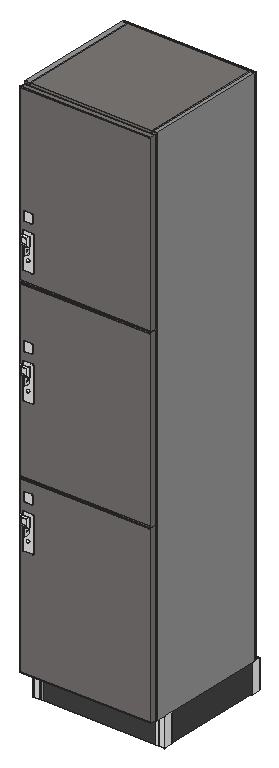
Revit family "Wood_Lockers_Hasps-Salsbury_Industries-18_43000_Series-1_Wide_Units.rfa", category Specialty Equipment, Revit 2016
Family settings
  Part Type = Normal
  Round Connector Dimension = Use Diameter
  OmniClass Number = 23.40.00.00
  OmniClass Title = Equipment and Furnishings
  Work Plane-Based = No
  Always vertical = Yes
  Cut with Voids When Loaded = No
  Shared = No
  Room Calculation Point = No
Parameters (values of type "18-43168")
  Width = 18.000"
  Version = "1.0 (01/31/24)"
  Unit Height including Sloping Hood Only [instance] = 78.868"
  Unit Height including Base Only [instance] = 76.000"
  URL = "www.lockers.com"
  Type Comments = "Premier Wood Lockers - Triple Tier - with Hasps"
  Total Doors Height [instance] = if(Unit Height = 72.000", 71.750", if(Unit Height = 60.000", 59.750", 0.000"))  # 71.750"
  Sloping Top Corner Filler - Right Side [instance] = Wood Locker Sloping Corner Fillers : None
  Sloping Top Corner Filler - Left Side [instance] = Wood Locker Sloping Corner Fillers : None
  Sloping In-Line Filler - Right Side [instance] = Wood Locker Sloping In-Line Fillers : None
  Sloping In-Line Filler - Left Side [instance] = Wood Locker Sloping In-Line Fillers : None
  Sloping Hood Height = if(Depth = 15.000", 5.743", if(Depth = 18.000", 6.868", if(Depth = 21.000", 7.993", if(Depth = 24.000", 9.118", 0.000"))))  # 6.868"
  Sloping Hood [instance] = Wood Locker Sloping Hoods : None
  Side Panel without Slope - Right Side [instance] = Wood Locker Side Panels-No Slope : None
  Side Panel without Slope - Left Side [instance] = Wood Locker Side Panels-No Slope : None
  Side Panel with Slope - Right Side [instance] = Wood Locker Side Panels-With Slope : None
  Side Panel with Slope - Left Side [instance] = Wood Locker Side Panels-With Slope : None
  Secondary Structure Materials = Particle Board Industrial Grade - Salsbury Finish - Black Melamine Overlay
  Primary Structure Materials = Particle Board Industrial Grade - Salsbury Finish - Plain
  Overall Unit Height including Base and Sloping Hood [instance] = 82.868"
  OmniClass 23 Title = "Equipment and Furnishings"
  OmniClass 23 Number = "23.40.00.00"
  Model = "18-43168"
  MasterFormat Title = "Lockers"
  MasterFormat Code = "10 51 23"
  Manufacturer = "Salsbury Industries"
  Laminate Surface [instance] = Industrial Grade Particleboard with Wood Laminate - Salsbury Finish - Skyline Walnut
  Interior Material = Textured Melamine - Salsbury Finish - White
  Individual Door Width [instance] = 17.875"
  Unit Height = 72.000"
  Individual Door Height = if(Unit Height = 72.000", 23.791", if(Unit Height = 60.000", 19.791", 0.000"))  # 23.791"
  Hardware = Aluminum - Salsbury Finish - Black Satin
  Front Vertical Filler - Right Side [instance] = Wood Locker Front Fillers : None
  Front Vertical Filler - Left Side [instance] = Wood Locker Front Fillers : None
  Front Corner Filler - Right Side [instance] = Wood Locker Front Corner Filler : None
  Front Corner Filler - Left Side [instance] = Wood Locker Front Corner Filler : None
  Flat Top In-Line Filler - Right Side [instance] = Wood Locker Flat In-Line Fillers : None
  Flat Top In-Line Filler - Left Side [instance] = Wood Locker Flat In-Line Fillers : None
  Flat Top Corner Filler - Right Side [instance] = Wood Locker Flat Corner Fillers : None
  Flat Top Corner Filler - Left Side [instance] = Wood Locker Flat Corner Fillers : None
  Fascia Filler [instance] = Wood Locker Fascia Fillers : None
  Double Side Panel without Slope - Right Side [instance] = Wood Locker Double Side Panels-No Slope : None
  Double Side Panel without Slope - Left Side [instance] = Wood Locker Double Side Panels-No Slope : None
  Double Side Panel with Slope - Right Side [instance] = Wood Locker Double Side Panels-With Slope : None
  Double Side Panel with Slope - Left Side [instance] = Wood Locker Double Side Panels-With Slope : None
  Door Location D3 = Premier Locker Doors_Hasp : Triple Tier Door-3 for Six Foot High Locker
  Door Location D2 = Premier Locker Doors_Hasp : Triple Tier Door-2 for Six Foot High Locker
  Door Location D1 = Premier Locker Doors_Hasp : Triple Tier Door-1 for Six Foot High Locker
  Description = "1 Wide - 6 Feet High - 18 inches Deep - with Base"
  Depth = 18.000"
  Compartment Width [instance] = 16.750"
  Compartment Height [instance] = if(Unit Height = 72.000", 23.000", if(Unit Height = 60.000", 19.000", 0.000"))  # 23.000"
  Compartment Depth [instance] = 16.750"
  Base Material = Particle Board Industrial Grade - Salsbury Finish - Black Melamine Overlay
  Base Height = 4.000"
  Base Depth [instance] = 16.250"
  Base = Wood Locker Bases : Base - 18" W x 18" D Lockers
  Assembly Code = "C1030310"
Reference planes (in)
  plane 1 "Center (Front/Back)": y = 0
  plane 2: z = 0
  plane 3 "Center (Left/Right)": x = 0
  plane 4 "Right Side of Unit": x = 9
  plane 5 "Left Side of Unit": x = -9
  plane 6 "Back of Unit": y = 9
  plane 7 "Front of Unit": y = -9
  plane 8 "Bottom of Base": z = 0
  plane 9 "Top Edge of Unit": z = 76
  plane 10 "Top of Base Edge": z = 4
  plane 11: z = 82.868
  plane 12 "Right Compartment Edge": x = 8.406
  plane 13 "Left Compartment Edge": x = -8.406
  plane 14 "Front Melamine Edge": y = -8
  plane 15 "Back Compartment Edge": y = 8.781
  plane 16 "Front Compartment Edge": y = -7.969
  plane 17 "Front Edge of Base": y = -6.625
  plane 18 "Bottom Edge of Door": z = 4.125
  plane 19 "Top Edge of Door": z = 75.875
  plane 20 "Bottom Compartment Edge": z = 4.75
  plane 21 "Top Compartment Edge": z = 75.25
  plane 22 "Center Top and Bottom": z = 40
  plane 23 "Left Melamine Edge": x = -8.375
  plane 24 "Right Melamine Edge": x = 8.375
  plane 25 "Back Melamine Edge": y = 8.75
  plane 26 "Left Edge of Door": x = -8.875
  plane 27: y = 9.625
  plane 28: y = -7.25
  plane 29 "Base / Ventillation Alignment": y = 9.625
  plane 30 "Compartment Shelf 2": z = 28.5
  plane 31: z = 27.75
  plane 32: z = 27.916
  plane 33: z = 28.104
  plane 34: z = 51.5
  plane 35 "Compartment Shelf 1": z = 52.25
  plane 36: z = 51.895
  plane 37: z = 52.083
  plane 38 "5" Shelf Top": z = 70.75
  plane 39: z = 70
  plane 40 "5" Shelf Center": z = 47
  plane 41: z = 46.25
  plane 42 "5" Shelf Bottom": z = 23.25
  plane 43: z = 22.5
  plane 44 "Front of Shelf": y = 3.75
  plane 45: y = 3.781
Forms (in)
  Extrusion 1, solid, material "Particle Board Industrial Grade - Salsbury Finish - Plain" <- "Primary Structure Materials"
    sketch origin (9, 0, 0) x (0, -1, 0) y (0, 0, 1)
      loop
        line (7.969, 76) -> (-8.75, 76) -> (-8.75, 4) -> (7.969, 4) -> (7.969, 76)
    from 0 to 0.594
  Extrusion 2, solid, material "Particle Board Industrial Grade - Salsbury Finish - Plain" <- "Primary Structure Materials"
    sketch origin (-9, 0, 0) x (0, -1, 0) y (0, 0, 1)
      loop
        line (-8.75, 76) -> (-8.75, 4) -> (7.969, 4) -> (7.969, 76) -> (-8.75, 76)
    from 0 to -0.594
  Extrusion 3, solid, material "Textured Melamine - Salsbury Finish - White" <- "Interior Material"
    sketch origin (0, 0, 4) x (0, -1, 0) y (1, 0, 0)
      loop
        line (-8.75, -8.375) -> (7.969, -8.375) -> (7.969, 8.375) -> (-8.75, 8.375) -> (-8.75, -8.375)
    from 0 to 0.75
  Extrusion 4, solid, material "Industrial Grade Particleboard with Wood Laminate - Salsbury Finish - Skyline Walnut" <- "Laminate Surface"
    sketch origin (0.375, 0.375, 76) x (1, 0, 0) y (0, 1, 0)
      loop
        line (-8.75, -8.375) -> (8, -8.375) -> (8, 8.375) -> (-8.75, 8.375) -> (-8.75, -8.375)
    from 0 to -0.75
  Extrusion 5, solid, material "Particle Board Industrial Grade - Salsbury Finish - Plain" <- "Primary Structure Materials"
    sketch origin (0, 9, 0) x (1, 0, 0) y (0, 0, 1)
      loop
        line (-9, 76) -> (-9, 4) -> (9, 4) -> (9, 76) -> (-9, 76)
    from 0 to 0.219
  Extrusion 6, solid, material "Industrial Grade Particleboard with Wood Laminate - Salsbury Finish - Skyline Walnut" <- "Laminate Surface"
    sketch origin (0, -7.969, 0) x (1, 0, 0) y (0, 0, 1)
      loop
        line (-9, 76) -> (-9, 4) -> (-8.375, 4) -> (-8.375, 76) -> (-9, 76)
    from 0 to 0.031
  Extrusion 7, solid, material "Industrial Grade Particleboard with Wood Laminate - Salsbury Finish - Skyline Walnut" <- "Laminate Surface"
    sketch origin (0, -7.969, 0) x (-1, 0, 0) y (0, 0, -1)
      loop
        line (-9, -76) -> (-8.375, -76) -> (-8.375, -4) -> (-9, -4) -> (-9, -76)
    from 0 to 0.031
  Extrusion 8, solid, material "Textured Melamine - Salsbury Finish - White" <- "Interior Material"
    sketch origin (0, 8.75, 0) x (1, 0, 0) y (0, 0, 1)
      loop
        line (-9, 76) -> (-9, 4) -> (9, 4) -> (9, 76) -> (-9, 76)
    from -0.031 to 0
  Extrusion 9, solid, material "Textured Melamine - Salsbury Finish - White" <- "Interior Material"
    sketch origin (-8.406, 0, 0) x (0, -1, 0) y (0, 0, 1)
      loop
        line (-8.75, 76) -> (-8.75, 4) -> (7.969, 4) -> (7.969, 76) -> (-8.75, 76)
    from 0 to -0.031
  Extrusion 10, solid, material "Textured Melamine - Salsbury Finish - White" <- "Interior Material"
    sketch origin (8.406, 0, 0) x (0, -1, 0) y (0, 0, 1)
      loop
        line (7.969, 76) -> (-8.75, 76) -> (-8.75, 4) -> (7.969, 4) -> (7.969, 76)
    from 0 to 0.031
  Extrusion 11, solid, material "Textured Melamine - Salsbury Finish - White" <- "Interior Material", detail levels fine
    sketch origin (0, 0, 28.5) x (0, -1, 0) y (1, 0, 0)
      loop
        line (-8.75, -8.375) -> (7.969, -8.375) -> (7.969, 8.375) -> (-8.75, 8.375) -> (-8.75, -8.375)
    from 0 to -0.75
  Extrusion 12, solid, material "Textured Melamine - Salsbury Finish - White" <- "Interior Material", detail levels fine
    sketch origin (0, 0, 52.25) x (0, -1, 0) y (1, 0, 0)
      loop
        line (-8.75, -8.375) -> (7.969, -8.375) -> (7.969, 8.375) -> (-8.75, 8.375) -> (-8.75, -8.375)
    from 0 to -0.75
  Extrusion 13, solid, material "Textured Melamine - Salsbury Finish - White" <- "Interior Material"
    sketch origin (0, 0, 70.75) x (0, -1, 0) y (1, 0, 0)
      loop
        line (-8.75, -8.375) -> (-3.781, -8.375) -> (-3.781, 8.375) -> (-8.75, 8.375) -> (-8.75, -8.375)
    from 0 to -0.75
  Extrusion 14, solid, material "Textured Melamine - Salsbury Finish - White" <- "Interior Material", detail levels fine
    sketch origin (0, 0, 47) x (0, -1, 0) y (1, 0, 0)
      loop
        line (-8.75, -8.375) -> (-3.781, -8.375) -> (-3.781, 8.375) -> (-8.75, 8.375) -> (-8.75, -8.375)
    from 0 to -0.75
  Extrusion 15, solid, material "Textured Melamine - Salsbury Finish - White" <- "Interior Material", detail levels fine
    sketch origin (0, 0, 23.25) x (0, -1, 0) y (1, 0, 0)
      loop
        line (-8.75, -8.375) -> (-3.781, -8.375) -> (-3.781, 8.375) -> (-8.75, 8.375) -> (-8.75, -8.375)
    from 0 to -0.75
  Extrusion 16, solid, material "Industrial Grade Particleboard with Wood Laminate - Salsbury Finish - Skyline Walnut" <- "Laminate Surface"
    sketch origin (0, -7.969, 0) x (1, 0, 0) y (0, 0, 1)
      loop
        line (-8.375, 52.25) -> (-8.375, 51.5) -> (8.375, 51.5) -> (8.375, 52.25) -> (-8.375, 52.25)
    from 0 to 0.031
  Extrusion 17, solid, material "Industrial Grade Particleboard with Wood Laminate - Salsbury Finish - Skyline Walnut" <- "Laminate Surface"
    sketch origin (0, -7.969, 0) x (1, 0, 0) y (0, 0, 1)
      loop
        line (-8.375, 28.5) -> (-8.375, 27.75) -> (8.375, 27.75) -> (8.375, 28.5) -> (-8.375, 28.5)
    from 0 to 0.031
  Extrusion 18, solid, material "Industrial Grade Particleboard with Wood Laminate - Salsbury Finish - Skyline Walnut" <- "Laminate Surface"
    sketch origin (0, -7.969, 0) x (1, 0, 0) y (0, 0, 1)
      loop
        line (-8.375, 4.75) -> (-8.375, 4) -> (8.375, 4) -> (8.375, 4.75) -> (-8.375, 4.75)
    from 0 to 0.031
  Extrusion 19, solid, material "Industrial Grade Particleboard with Wood Laminate - Salsbury Finish - Skyline Walnut" <- "Laminate Surface"
    sketch origin (0, 3.75, 0) x (1, 0, 0) y (0, 0, 1)
      loop
        line (-8.375, 23.25) -> (-8.375, 22.5) -> (8.375, 22.5) -> (8.375, 23.25) -> (-8.375, 23.25)
    from 0 to -0.031
  Extrusion 20, solid, material "Industrial Grade Particleboard with Wood Laminate - Salsbury Finish - Skyline Walnut" <- "Laminate Surface"
    sketch origin (0, 3.75, 0) x (1, 0, 0) y (0, 0, 1)
      loop
        line (-8.375, 47) -> (-8.375, 46.25) -> (8.375, 46.25) -> (8.375, 47) -> (-8.375, 47)
    from 0 to -0.031
  Extrusion 21, solid, material "Industrial Grade Particleboard with Wood Laminate - Salsbury Finish - Skyline Walnut" <- "Laminate Surface"
    sketch origin (0, 3.75, 0) x (1, 0, 0) y (0, 0, 1)
      loop
        line (-8.375, 70.75) -> (-8.375, 70) -> (8.375, 70) -> (8.375, 70.75) -> (-8.375, 70.75)
    from 0 to -0.031
Lines and regions (in)
  symbolic lines
    curve 1: line (-9, 8.75, 76) -> (9.00006, 8.75, 76)
    curve 2: line (-9, 8.75, 0) -> (-9, 8.75, 76)
    curve 3: line (9.00006, 8.75, 76) -> (9.00006, 8.75, 0)
    curve 4: line (8.406, -8, 76) -> (8.406, 9.625, 76)
    curve 5: line (8.406, -8, 0) -> (8.406, -8, 76)
    curve 6: line (8.406, 9.625, 76) -> (8.406, 9.625, 0)
    curve 7: line (9.00006, 8.75, 0) -> (-9, 8.75, 0)
    curve 8: line (8.406, -6.625, 0) -> (8.406, 9.625, 0)
    curve 9: line (8.406, 9.625, 0) -> (8.406, -6.625, 0)
    curve 10: line (8.406, -8, 0) -> (8.406, 9.625, 0)
    curve 11: line (-9, 9.625, 0) -> (9, 9.625, 0)
    curve 12: line (-9, -8, 0) -> (-9, 9.625, 0)
    curve 13: line (9, -8, 0) -> (-9, -8, 0)
    curve 14: line (9, 9.625, 0) -> (9, -8, 0)
Dimensions and locks (in)
  equal spacing: plane 5 "Left Side of Unit", plane 3 "Center (Left/Right)", plane 4 "Right Side of Unit"
  "Width": plane 5 "Left Side of Unit" to plane 4 "Right Side of Unit"
  equal spacing: plane 7 "Front of Unit", plane 1 "Center (Front/Back)", plane 6 "Back of Unit"
  "Depth": plane 7 "Front of Unit" to plane 6 "Back of Unit"
  "Base Height": plane 10 "Top of Base Edge" to plane 8 "Bottom of Base"
  "Unit Height": plane 9 "Top Edge of Unit" to plane 10 "Top of Base Edge"
  "Sloping Hood Height": plane 11 to plane 9 "Top Edge of Unit"
  locked: plane 12 "Right Compartment Edge" to plane 4 "Right Side of Unit" at 0.594
  locked: plane 5 "Left Side of Unit" to plane 13 "Left Compartment Edge" at 0.594
  locked: plane 7 "Front of Unit" to plane 14 "Front Melamine Edge" at 1
  locked: plane 15 "Back Compartment Edge" to plane 6 "Back of Unit" at 0.219
  locked: plane 14 "Front Melamine Edge" to plane 16 "Front Compartment Edge" at 0.031
  plane 18 "Bottom Edge of Door" to plane 10 "Top of Base Edge" = 0.125"
  plane 9 "Top Edge of Unit" to plane 19 "Top Edge of Door" = 0.125"
  plane 20 "Bottom Compartment Edge" to plane 10 "Top of Base Edge" = 0.750"
  plane 9 "Top Edge of Unit" to plane 21 "Top Compartment Edge" = 0.750"
  equal spacing: plane 9 "Top Edge of Unit", plane 22 "Center Top and Bottom", plane 10 "Top of Base Edge"
  locked: plane 24 "Right Melamine Edge" to plane 12 "Right Compartment Edge" at 0.031
  locked: plane 13 "Left Compartment Edge" to plane 23 "Left Melamine Edge" at 0.031
  locked: plane 25 "Back Melamine Edge" to plane 15 "Back Compartment Edge" at 0.031
  locked: plane 5 "Left Side of Unit" to plane 26 "Left Edge of Door" at 0.125
  "Individual Door Width": plane 26 "Left Edge of Door" to plane 4 "Right Side of Unit"
  "Total Doors Height": plane 19 "Top Edge of Door" to plane 18 "Bottom Edge of Door"
  "Unit Height including Base Only": plane 9 "Top Edge of Unit" to plane 8 "Bottom of Base"
  "Unit Height including Sloping Hood Only": plane 11 to plane 10 "Top of Base Edge"
  "Overall Unit Height including Base and Sloping Hood": plane 11 to plane 8 "Bottom of Base"
  locked: plane 7 "Front of Unit" to plane 17 "Front Edge of Base" at 2.375
  locked: plane 6 "Back of Unit" to plane 27 at 0.625
  "Base Depth": plane 17 "Front Edge of Base" to plane 27
  "Compartment Width": plane 23 "Left Melamine Edge" to plane 24 "Right Melamine Edge"
  "Compartment Height": plane 31 to plane 20 "Bottom Compartment Edge"
  "Compartment Depth": plane 14 "Front Melamine Edge" to plane 25 "Back Melamine Edge"
  locked: plane 14 "Front Melamine Edge" to plane 28 at 0.75
  plane 14 "Front Melamine Edge" to plane 27 = 17.625"
  Extrusion 2 to Extrusion 9 = 16.719"
  plane 6 "Back of Unit" to plane 29 "Base / Ventillation Alignment" = 0.625"
  locked: plane 30 "Compartment Shelf 2" to plane 31 at 0.75
  locked: plane 33 to plane 32 at 0.188
  "Individual Door Height": plane 32 to plane 18 "Bottom Edge of Door"
  locked: plane 35 "Compartment Shelf 1" to plane 34 at 0.75
  locked: plane 37 to plane 36 at 0.188
  "Compartment Height": plane 34 to plane 30 "Compartment Shelf 2"
  "Individual Door Height": plane 36 to plane 33
  locked: plane 38 "5" Shelf Top" to plane 39 at 0.75
  locked: plane 44 "Front of Shelf" to plane 25 "Back Melamine Edge" at 5
  locked: plane 21 "Top Compartment Edge" to plane 38 "5" Shelf Top" at 4.5
  locked: plane 40 "5" Shelf Center" to plane 41 at 0.75
  locked: plane 34 to plane 40 "5" Shelf Center" at 4.5
  locked: plane 42 "5" Shelf Bottom" to plane 43 at 0.75
  locked: plane 31 to plane 42 "5" Shelf Bottom" at 4.5
  locked: plane 44 "Front of Shelf" to plane 45 at 0.031
  aligned and locked: level to plane 2
  aligned and locked: plane 15 "Back Compartment Edge" to Extrusion 5
  aligned and locked: plane 4 "Right Side of Unit" to nested 1
  aligned and locked: plane 18 "Bottom Edge of Door" to nested 1
  aligned and locked: plane 7 "Front of Unit" to nested 1
  aligned and locked: plane 9 "Top Edge of Unit" to nested 2
  aligned and locked: plane 14 "Front Melamine Edge" to nested 2
  aligned and locked: plane 5 "Left Side of Unit" to nested 3
  aligned and locked: plane 14 "Front Melamine Edge" to nested 3
  aligned and locked: plane 9 "Top Edge of Unit" to nested 3
  aligned and locked: plane 4 "Right Side of Unit" to nested 4
  aligned and locked: nested 4 to plane 9 "Top Edge of Unit"
  aligned and locked: nested 4 to plane 14 "Front Melamine Edge"
  aligned and locked: plane 9 "Top Edge of Unit" to nested 5
  aligned and locked: plane 28 to nested 5
  aligned and locked: plane 28 to nested 6
  aligned and locked: plane 5 "Left Side of Unit" to nested 6
  aligned and locked: plane 4 "Right Side of Unit" to nested 5
  aligned and locked: nested 6 to plane 9 "Top Edge of Unit"
  aligned and locked: nested 8 to plane 5 "Left Side of Unit"
  aligned and locked: nested 7 to plane 4 "Right Side of Unit"
  aligned and locked: plane 14 "Front Melamine Edge" to nested 7
  aligned and locked: nested 8 to plane 14 "Front Melamine Edge"
  aligned and locked: plane 10 "Top of Base Edge" to nested 7
  aligned and locked: nested 8 to plane 10 "Top of Base Edge"
  aligned and locked: plane 5 "Left Side of Unit" to nested 9
  aligned and locked: plane 4 "Right Side of Unit" to nested 10
  aligned and locked: nested 10 to plane 10 "Top of Base Edge"
  aligned and locked: plane 10 "Top of Base Edge" to nested 9
  aligned and locked: plane 16 "Front Compartment Edge" to nested 10
  aligned and locked: nested 9 to plane 14 "Front Melamine Edge"
  aligned and locked: plane 4 "Right Side of Unit" to nested 11
  aligned and locked: nested 11 to plane 10 "Top of Base Edge"
  aligned and locked: plane 14 "Front Melamine Edge" to nested 11
  aligned and locked: plane 14 "Front Melamine Edge" to nested 12
  aligned and locked: nested 12 to nested 4
  aligned and locked: plane 10 "Top of Base Edge" to nested 12
  aligned and locked: nested 13 to plane 5 "Left Side of Unit"
  aligned and locked: nested 13 to plane 14 "Front Melamine Edge"
  aligned and locked: nested 13 to plane 10 "Top of Base Edge"
  aligned and locked: plane 14 "Front Melamine Edge" to nested 14
  aligned and locked: nested 14 to plane 4 "Right Side of Unit"
  aligned and locked: nested 15 to plane 14 "Front Melamine Edge"
  aligned and locked: nested 15 to plane 5 "Left Side of Unit"
  aligned and locked: plane 10 "Top of Base Edge" to nested 14
  aligned and locked: nested 15 to plane 10 "Top of Base Edge"
  aligned and locked: plane 14 "Front Melamine Edge" to nested 16
  aligned and locked: plane 4 "Right Side of Unit" to nested 16
  aligned and locked: nested 17 to plane 14 "Front Melamine Edge"
  aligned and locked: plane 5 "Left Side of Unit" to nested 17
  aligned and locked: nested 16 to plane 8 "Bottom of Base"
  aligned and locked: nested 17 to plane 8 "Bottom of Base"
  aligned and locked: nested 18 to plane 5 "Left Side of Unit"
  aligned and locked: nested 19 to plane 4 "Right Side of Unit"
  aligned and locked: nested 19 to plane 14 "Front Melamine Edge"
  aligned and locked: plane 14 "Front Melamine Edge" to nested 18
  aligned and locked: plane 8 "Bottom of Base" to nested 19
  aligned and locked: nested 18 to plane 8 "Bottom of Base"
  aligned and locked: plane 17 "Front Edge of Base" to nested 20
  aligned and locked: nested 21 to plane 9 "Top Edge of Unit"
  aligned and locked: plane 5 "Left Side of Unit" to nested 21
  aligned and locked: nested 22 to plane 9 "Top Edge of Unit"
  aligned and locked: plane 4 "Right Side of Unit" to nested 22
  aligned and locked: nested 22 to plane 14 "Front Melamine Edge"
  aligned and locked: nested 21 to plane 14 "Front Melamine Edge"
  aligned and locked: nested 24 to plane 9 "Top Edge of Unit"
  aligned and locked: plane 4 "Right Side of Unit" to nested 24
  aligned and locked: nested 23 to plane 9 "Top Edge of Unit"
  aligned and locked: plane 5 "Left Side of Unit" to nested 23
  aligned and locked: nested 24 to plane 28
  aligned and locked: nested 23 to plane 28
  aligned and locked: plane 14 "Front Melamine Edge" to nested 25
  aligned and locked: plane 9 "Top Edge of Unit" to nested 25
  aligned and locked: plane 8 "Bottom of Base" to nested 20
  aligned and locked: plane 3 "Center (Left/Right)" to nested 20
  aligned and locked: plane 25 "Back Melamine Edge" to Extrusion 3 sketch curve
  aligned and locked: Extrusion 3 sketch curve to plane 23 "Left Melamine Edge"
  aligned and locked: plane 24 "Right Melamine Edge" to Extrusion 3 sketch curve
  aligned and locked: Extrusion 4 to plane 9 "Top Edge of Unit"
  aligned and locked: plane 21 "Top Compartment Edge" to Extrusion 4
  aligned and locked: Extrusion 2 sketch curve to plane 9 "Top Edge of Unit"
  aligned and locked: plane 16 "Front Compartment Edge" to Extrusion 2 sketch curve
  aligned and locked: Extrusion 2 sketch curve to plane 25 "Back Melamine Edge"
  aligned and locked: plane 10 "Top of Base Edge" to Extrusion 2 sketch curve
  aligned and locked: Extrusion 2 to plane 13 "Left Compartment Edge"
  aligned and locked: plane 5 "Left Side of Unit" to Extrusion 2
  aligned and locked: plane 10 "Top of Base Edge" to Extrusion 9 sketch curve
  aligned and locked: Extrusion 9 sketch curve to plane 25 "Back Melamine Edge"
  aligned and locked: Extrusion 9 sketch curve to plane 9 "Top Edge of Unit"
  aligned and locked: Extrusion 1 sketch curve to plane 16 "Front Compartment Edge"
  aligned and locked: plane 9 "Top Edge of Unit" to Extrusion 1 sketch curve
  aligned and locked: Extrusion 1 sketch curve to plane 10 "Top of Base Edge"
  aligned and locked: plane 25 "Back Melamine Edge" to Extrusion 1 sketch curve
  aligned and locked: Extrusion 1 to plane 4 "Right Side of Unit"
  aligned and locked: plane 12 "Right Compartment Edge" to Extrusion 1
  aligned and locked: Extrusion 10 sketch curve to plane 10 "Top of Base Edge"
  aligned and locked: plane 25 "Back Melamine Edge" to Extrusion 10 sketch curve
  aligned and locked: Extrusion 10 sketch curve to plane 16 "Front Compartment Edge"
  aligned and locked: plane 9 "Top Edge of Unit" to Extrusion 10 sketch curve
  aligned and locked: Extrusion 10 to plane 12 "Right Compartment Edge"
  aligned and locked: plane 24 "Right Melamine Edge" to Extrusion 10
  aligned and locked: Extrusion 8 sketch curve to plane 10 "Top of Base Edge"
  aligned and locked: plane 4 "Right Side of Unit" to Extrusion 8 sketch curve
  aligned and locked: plane 9 "Top Edge of Unit" to Extrusion 8 sketch curve
  aligned and locked: Extrusion 8 sketch curve to plane 5 "Left Side of Unit"
  aligned and locked: Extrusion 8 to plane 15 "Back Compartment Edge"
  aligned and locked: plane 25 "Back Melamine Edge" to Extrusion 8
  aligned and locked: plane 9 "Top Edge of Unit" to Extrusion 5 sketch curve
  aligned and locked: Extrusion 5 sketch curve to plane 5 "Left Side of Unit"
  aligned and locked: Extrusion 5 sketch curve to plane 10 "Top of Base Edge"
  aligned and locked: plane 4 "Right Side of Unit" to Extrusion 5 sketch curve
  aligned and locked: Extrusion 7 sketch curve to plane 9 "Top Edge of Unit"
  aligned and locked: Extrusion 7 sketch curve to plane 4 "Right Side of Unit"
  aligned and locked: plane 24 "Right Melamine Edge" to Extrusion 7 sketch curve
  aligned and locked: plane 10 "Top of Base Edge" to Extrusion 7 sketch curve
  aligned and locked: Extrusion 7 to plane 16 "Front Compartment Edge"
  aligned and locked: plane 14 "Front Melamine Edge" to Extrusion 7
  aligned and locked: Extrusion 6 sketch curve to plane 10 "Top of Base Edge"
  aligned and locked: plane 23 "Left Melamine Edge" to Extrusion 6 sketch curve
  aligned and locked: Extrusion 6 sketch curve to plane 5 "Left Side of Unit"
  aligned and locked: plane 9 "Top Edge of Unit" to Extrusion 6 sketch curve
  aligned and locked: Extrusion 6 to plane 16 "Front Compartment Edge"
  aligned and locked: plane 14 "Front Melamine Edge" to Extrusion 6
  aligned and locked: plane 16 "Front Compartment Edge" to Extrusion 9
  aligned and locked: plane 13 "Left Compartment Edge" to Extrusion 9
  aligned and locked: nested 3 to curve 1
  aligned and locked: curve 2 to nested 17
  aligned and locked: curve 4 to nested 2
  aligned and locked: nested 16 to curve 5
  aligned and locked: curve 9 to nested 20
  aligned and locked: curve 10 to nested 16
  aligned and locked: curve 13 to plane 14 "Front Melamine Edge"
  aligned and locked: curve 12 to plane 5 "Left Side of Unit"
  aligned and locked: plane 29 "Base / Ventillation Alignment" to curve 11
  aligned and locked: plane 3 "Center (Left/Right)" to nested 2
  aligned and locked: plane 3 "Center (Left/Right)" to nested 25
  aligned and locked: plane 29 "Base / Ventillation Alignment" to curve 6
  aligned and locked: plane 25 "Back Melamine Edge" to Extrusion 11 sketch curve
  aligned and locked: Extrusion 11 sketch curve to plane 23 "Left Melamine Edge"
  aligned and locked: plane 24 "Right Melamine Edge" to Extrusion 11 sketch curve
  aligned and locked: plane 25 "Back Melamine Edge" to Extrusion 12 sketch curve
  aligned and locked: plane 24 "Right Melamine Edge" to Extrusion 12 sketch curve
  aligned and locked: Extrusion 12 sketch curve to plane 23 "Left Melamine Edge"
  aligned and locked: nested 26 to plane 33
  aligned and locked: plane 4 "Right Side of Unit" to nested 26
  aligned and locked: plane 4 "Right Side of Unit" to nested 27
  aligned and locked: nested 27 to plane 37
  aligned and locked: plane 7 "Front of Unit" to nested 27
  aligned and locked: plane 7 "Front of Unit" to nested 26
  aligned and locked: Extrusion 13 to plane 38 "5" Shelf Top"
  aligned and locked: Extrusion 13 to plane 39
  aligned and locked: plane 23 "Left Melamine Edge" to Extrusion 13
  aligned and locked: Extrusion 13 to plane 24 "Right Melamine Edge"
  aligned and locked: Extrusion 13 to plane 25 "Back Melamine Edge"
  aligned and locked: Extrusion 14 to plane 40 "5" Shelf Center"
  aligned and locked: Extrusion 14 to plane 41
  aligned and locked: plane 23 "Left Melamine Edge" to Extrusion 14
  aligned and locked: Extrusion 14 to plane 24 "Right Melamine Edge"
  aligned and locked: Extrusion 14 to plane 25 "Back Melamine Edge"
  aligned and locked: Extrusion 15 to plane 42 "5" Shelf Bottom"
  aligned and locked: Extrusion 15 to plane 43
  aligned and locked: plane 23 "Left Melamine Edge" to Extrusion 15
  aligned and locked: Extrusion 15 to plane 24 "Right Melamine Edge"
  aligned and locked: Extrusion 15 to plane 25 "Back Melamine Edge"
  aligned and locked: plane 14 "Front Melamine Edge" to Extrusion 4
  aligned and locked: plane 16 "Front Compartment Edge" to Extrusion 12
  aligned and locked: plane 16 "Front Compartment Edge" to Extrusion 11
  aligned and locked: plane 16 "Front Compartment Edge" to Extrusion 3
  aligned and locked: Extrusion 16 sketch curve to Extrusion 12  (x4)
  aligned and locked: plane 14 "Front Melamine Edge" to Extrusion 16
  aligned and locked: Extrusion 16 to plane 16 "Front Compartment Edge"
  aligned and locked: Extrusion 17 sketch curve to Extrusion 11  (x4)
  aligned and locked: Extrusion 18 sketch curve to Extrusion 3  (x3)
  aligned and locked: Extrusion 7 to Extrusion 18 sketch curve
  aligned and locked: Extrusion 13 to plane 45
  aligned and locked: Extrusion 14 to Extrusion 13
  aligned and locked: Extrusion 15 to Extrusion 13
  aligned and locked: Extrusion 19 sketch curve to Extrusion 15  (x4)
  aligned and locked: Extrusion 19 to plane 44 "Front of Shelf"
  aligned and locked: Extrusion 19 to Extrusion 13
  aligned and locked: Extrusion 20 sketch curve to Extrusion 14  (x4)
  aligned and locked: Extrusion 20 to plane 44 "Front of Shelf"
  aligned and locked: Extrusion 20 to Extrusion 13
  aligned and locked: Extrusion 21 sketch curve to Extrusion 13  (x4)
  aligned and locked: Extrusion 21 to plane 44 "Front of Shelf"
  aligned and locked: Extrusion 21 to Extrusion 13
Automatic sketch dimensions
  Extrusion 9 sketch curve to plane 16 "Front Compartment Edge" = 0.000"
  curve 3 to level = 0.000"
  curve 3 to plane 4 "Right Side of Unit" = 0.00006"
  curve 8 to plane 17 "Front Edge of Base" = 0.000"
  curve 9 to plane 17 "Front Edge of Base" = 0.000"
  curve 13 to plane 4 "Right Side of Unit" = 0.000"
  Extrusion 14 sketch curve to plane 24 "Right Melamine Edge" = 0.000"
  plane 25 "Back Melamine Edge" to Extrusion 14 sketch curve = 0.000"
  Extrusion 14 sketch curve to plane 23 "Left Melamine Edge" = 0.000"
  Extrusion 14 sketch curve to plane 44 "Front of Shelf" = 0.031"
  plane 24 "Right Melamine Edge" to Extrusion 15 sketch curve = 0.000"
  Extrusion 15 sketch curve to plane 25 "Back Melamine Edge" = 0.000"
  Extrusion 15 sketch curve to plane 14 "Front Melamine Edge" = 11.781"
  Extrusion 15 sketch curve to plane 23 "Left Melamine Edge" = 0.000"
  Extrusion 4 sketch curve to plane 5 "Left Side of Unit" = 0.625"
  plane 17 "Front Edge of Base" to Extrusion 4 sketch curve = 1.375"
  plane 4 "Right Side of Unit" to Extrusion 4 sketch curve = 0.625"
  plane 25 "Back Melamine Edge" to Extrusion 4 sketch curve = 0.000"
  Extrusion 13 sketch curve to plane 24 "Right Melamine Edge" = 0.000"
  plane 25 "Back Melamine Edge" to Extrusion 13 sketch curve = 0.000"
  Extrusion 13 sketch curve to plane 23 "Left Melamine Edge" = 0.000"
  Extrusion 13 sketch curve to plane 44 "Front of Shelf" = 0.031"
  Extrusion 12 sketch curve to plane 14 "Front Melamine Edge" = 0.031"
  Extrusion 11 sketch curve to plane 14 "Front Melamine Edge" = 0.031"
  Extrusion 3 sketch curve to plane 14 "Front Melamine Edge" = 0.031"
Nested families (in)
  nested 1: "Premier Locker Doors_Hasp" at (0.0625, -8.625, 4.125), type <- "Door Location D3", type "Triple Tier Door-3 for Six Foot High Locker"
  nested 2: "Wood Locker Sloping Hoods" at (0, -0.6875, 76), type <- "Sloping Hood", type "None"
  nested 3: "Wood Locker Sloping Corner Fillers" at (-18.25, -1, 76), type <- "Sloping Top Corner Filler - Left Side", type "None"
  nested 4: "Wood Locker Sloping Corner Fillers" at (18.25, -1, 76) x (-1, 0, 0) z (0, 0, 1), type <- "Sloping Top Corner Filler - Right Side", type "None"
  nested 5: "Wood Locker Flat Corner Fillers" at (16.5, -3.625, 75.25), type <- "Flat Top Corner Filler - Right Side", type "None"
  nested 6: "Wood Locker Flat Corner Fillers" at (-16.5, -3.625, 75.25) x (-1, 0, 0) z (0, 0, 1), type <- "Flat Top Corner Filler - Left Side", type "None"
  nested 7: "Wood Locker Side Panels-No Slope" at (9.375, -1, 4) x (0, 1, 0) z (0, 0, 1), type <- "Side Panel without Slope - Right Side", type "None"
  nested 8: "Wood Locker Side Panels-No Slope" at (-9.375, -1, 4) x (0, 1, 0) z (0, 0, 1), type <- "Side Panel without Slope - Left Side", type "None"
  nested 9: "Wood Locker Side Panels-With Slope" at (-9.375, -0.6875, 4) x (0, -1, 0) z (0, 0, 1), type <- "Side Panel with Slope - Left Side", type "None"
  nested 10: "Wood Locker Side Panels-With Slope" at (9.375, -0.6565, 4) x (0, -1, 0) z (0, 0, 1), type <- "Side Panel with Slope - Right Side", type "None"
  nested 11: "Wood Locker Side Panels-With Slope" at (9.375, -0.6875, 4) x (0, -1, 0) z (0, 0, 1), type <- "Side Panel with Slope - Right Side", type "None"
  nested 12: "Wood Locker Double Side Panels-No Slope" at (9.375, -1, 4) x (0, 1, 0) z (0, 0, 1), type <- "Double Side Panel without Slope - Right Side", type "None"
  nested 13: "Wood Locker Double Side Panels-No Slope" at (-9.375, -1, 4) x (0, 1, 0) z (0, 0, 1), type <- "Double Side Panel without Slope - Left Side", type "None"
  nested 14: "Wood Locker Double Side Panels-With Slope" at (9.375, -1, 4) x (0, 1, 0) z (0, 0, 1), type <- "Double Side Panel with Slope - Right Side", type "None"
  nested 15: "Wood Locker Double Side Panels-With Slope" at (-9.375, -1, 4) x (0, 1, 0) z (0, 0, 1), type <- "Double Side Panel with Slope - Left Side", type "None"
  nested 16: "Wood Locker Front Fillers" at (16.5, -7.625, 0), type <- "Front Vertical Filler - Right Side", type "None"
  nested 17: "Wood Locker Front Fillers" at (-16.5, -7.625, 0) x (-1, 0, 0) z (0, 0, 1), type <- "Front Vertical Filler - Left Side", type "None"
  nested 18: "Wood Locker Front Corner Filler" at (-10.125, -7.625, 0), type <- "Front Corner Filler - Left Side", type "None"
  nested 19: "Wood Locker Front Corner Filler" at (10.125, -7.625, 0) x (-1, 0, 0) z (0, 0, 1), type <- "Front Corner Filler - Right Side", type "None"
  nested 20: "Wood Locker Bases" at (0, 1.5, 0), type <- "Base", type "Base - 18" W x 18" D Lockers"
  nested 21: "Wood Locker Sloping In-Line Fillers" at (-15, -1, 76), type <- "Sloping In-Line Filler - Left Side", type "None"
  nested 22: "Wood Locker Sloping In-Line Fillers" at (15, -1, 76) x (-1, 0, 0) z (0, 0, 1), type <- "Sloping In-Line Filler - Right Side", type "None"
  nested 23: "Wood Locker Flat In-Line Fillers" at (-16.5, -0.625, 75.25), type <- "Flat Top In-Line Filler - Left Side", type "None"
  nested 24: "Wood Locker Flat In-Line Fillers" at (16.5, -0.625, 75.25) x (-1, 0, 0) z (0, 0, 1), type <- "Flat Top In-Line Filler - Right Side", type "None"
  nested 25: "Wood Locker Fascia Fillers" at (0, -7.625, 76), type <- "Fascia Filler", type "None"
  nested 26: "Premier Locker Doors_Hasp" at (0.0625, -8.625, 28.104), type <- "Door Location D2", type "Triple Tier Door-2 for Six Foot High Locker"
  nested 27: "Premier Locker Doors_Hasp" at (0.0625, -8.625, 52.083), type <- "Door Location D1", type "Triple Tier Door-1 for Six Foot High Locker"
Definition of nested family "Premier Locker Doors_Hasp"
  Parameters (values of type "Single Tier Door for Six Foot High Locker")
    Width = 17.875"
    Visible Number Plates = yes
    Visible Center Hinge = yes
    Primary Structure Materials = none
    Number Tag-Vertical Offset = 31.625"
    Number Tag-Horizontal Offset = 16.750"
    Number Tag Width = 1.250"
    Number Tag Height = 1.250"
    Model = "Premier Locker Doors"
    Manufacturer = "Salsbury Industries"
    Lock Width = 1.500"
    Lock Height = 4.875"
    Laminate Surface = none
    Height = 71.750"
    Lock Vertical Offset = 35.875"
    Lock Horizontal Offset = 0.375"
    Door Trim = none
    Door Hasps = none
    Depth = 0.750"
    Default Elevation = 48.000"
  Types (7): name | Visible Center Hinge | Number Tag-Vertical Offset | Height | Lock Vertical Offset
    Single Tier Door for Six Foot High Locker | yes | 31.625" | 71.750" | 35.875"
    Double Tier Door-1 for Six Foot High Locker | no | 27.641" | 35.781" | 31.891"
    Double Tier Door-2 for Six Foot High Locker | yes | 2.078" | 35.781" | 6.328"
    Triple Tier Door-1 for Six Foot High Locker | no | 15.651" | 23.791" | 19.901"
    Triple Tier Door-2 for Six Foot High Locker | no | 7.646" | 23.791" | 11.896"
    Triple Tier Door-3 for Six Foot High Locker | no | 2.078" | 23.791" | 6.328"
    Four Tier Door for Six Foot High Locker | no | 4.647" | 17.796" | 8.897"
  Reference planes (in)
    plane 1 "Center (Front/Back)": y = 0
    plane 2: z = 0
    plane 3 "Center (Left/Right)": x = 0
    plane 4 "Left Side of Door": x = -8.9375
    plane 5 "Right Side of Door": x = 8.9375
    plane 6 "Back of Door": y = 0.375
    plane 7 "Front of Door": y = -0.375
    plane 8 "Bottom of Door": z = 0
    plane 9 "Top of Door": z = 71.75
    plane 10 "Center of Door": z = 35.875
    plane 11 "Top of Number Tag": z = 40.75
    plane 12 "Bottom of Number Tag": z = 39.5
    plane 13 "Left Side of Number Tag": x = -8.4375
    plane 14 "Right Side of Number Tag": x = -7.1875
    plane 15 "Horizontal Center of Number Tag": x = -7.8125
    plane 16 "Center of Number Tag": z = 40.125
    plane 17 "Left Side of Lock": x = -8.5625
    plane 18 "Right Side of Lock": x = -7.0625
    plane 19 "Lock Vertical Center": z = 35.875
    plane 20 "Top of Lock": z = 38.3125
    plane 21 "Bottom of Lock": z = 33.4375
    plane 22 "Front of Hasp Stud": y = -0.5
    plane 23 "Left Side of Door-Right Side of Trim": x = -8.8125
    plane 24 "Right Side of Door-Left Side of Trim": x = 8.8125
    plane 25 "Top of Door-Bottom of Trim": z = 71.625
    plane 26 "Bottom of Door-Top of Trim": z = 0.125
    plane 27 "Laminate-Particleboard Line": y = -0.344
    plane 28 "Melamine-Particleboard Line": y = 0.344
    plane 29 "Back of Number Plate Inset": y = -0.313
    plane 30 "Center of Lock": x = -7.8125
    plane 31: y = -0.188
    plane 32 "Door Stopper Plane": y = 0.625
    plane 33: x = -8.4875
    plane 34: z = 71.3
    plane 35 "Top Hinge": z = 68.75
    plane 36: x = 8.3125
    plane 37 "Bottom Hinge": z = 3
    plane 38 "Inner Knob": y = -1.094
    plane 39 "Front of Knob": y = -1.125
    plane 40: z = 37.1875
    plane 41: z = 34.5625
    plane 42: z = 38.1875
    plane 43: x = -7.1875
    plane 44: x = -8.4375
    plane 45: z = 36.9375
    plane 46 "Top of Hole": z = 36.8125
    plane 47: x = -7.6245
    plane 48: x = -8.0005
    plane 49 "Bottom of Hole": z = 35.5625
    plane 50 "Stud Alignment": z = 34.8125
    plane 51 "Center of Handle": z = 37.5625
    plane 52: z = 37.7505
    plane 53: z = 37.3745
    plane 54: z = 37.96546
    plane 55: z = 37.15954
    plane 56 "Front of Latch": y = -1
    plane 57: z = 36.6844
    plane 58: z = 35.6844
    plane 59: z = 36.1844
    plane 60: x = 8.3435
    plane 61: z = 36.6245
    plane 62: z = 35.74816
  Forms (in)
    Extrusion 1, solid, detail levels fine
      sketch origin (0, 0, 0) x (1, 0, 0) y (0, 0, 1)
        loop
          line (-8.9065, 0.031) -> (8.9065, 0.031) -> (8.9065, 71.719) -> (-8.9065, 71.719) -> (-8.9065, 0.031)
      from -0.344 to 0.344
    Extrusion 2, solid, material <- "Laminate Surface", detail levels fine
      sketch origin (0, 0.375, 0) x (1, 0, 0) y (0, 0, 1)
        loop
          line (-8.9065, 0.031) -> (8.9065, 0.031) -> (8.9065, 71.719) -> (-8.9065, 71.719) -> (-8.9065, 0.031)
      from 0.031 to 0
    Extrusion 3, solid, material <- "Laminate Surface"
      sketch origin (0, -0.375, 0) x (1, 0, 0) y (0, 0, 1)
        loop
          line (-8.9065, 0.031) -> (8.9065, 0.031) -> (8.9065, 71.719) -> (-8.9065, 71.719) -> (-8.9065, 0.031)
      from 0 to -0.031
    Sweep 4, solid, material <- "Door Trim"
      path origin (0, 0, 0) x (1, 0, 0) y (0, 0, 1)
        loop
          line (8.8125, 71.625) -> (-8.8125, 71.625) -> (-8.8125, 0.125) -> (8.8125, 0.125) -> (8.8125, 71.625)
      profile origin (0, 0, 71.625) x (0, 0, -1) y (0, -1, 0)
        loop
          line (-0.125, 0.375) -> (-0.125, -0.375) -> (-0.094, -0.375) -> (-0.094, 0.375) -> (-0.125, 0.375)
    Extrusion 5, void
      sketch origin (-1.875, -0.313, 0) x (1, 0, 0) y (0, 0, 1)
        loop
          arc (-6.41334, 40.75) -> (-6.51881, 40.70631) -> (-6.5625, 40.60084) r 0.14916
          line (-6.5625, 40.60084) -> (-6.5625, 39.64916)
          arc (-6.5625, 39.64916) -> (-6.51881, 39.54369) -> (-6.41334, 39.5) r 0.14916
          line (-6.41334, 39.5) -> (-5.46166, 39.5)
          arc (-5.46166, 39.5) -> (-5.35619, 39.54369) -> (-5.3125, 39.64916) r 0.14916
          line (-5.3125, 39.64916) -> (-5.3125, 40.60084)
          arc (-5.3125, 40.60084) -> (-5.35619, 40.70631) -> (-5.46166, 40.75) r 0.14916
          line (-5.46166, 40.75) -> (-6.41334, 40.75)
      from 0 to 0.062
    Extrusion 6, solid, visible <- "Visible Number Plates", detail levels medium+fine
      sketch origin (-1.875, -0.375, 0) x (1, 0, 0) y (0, 0, 1)
        loop
          arc (-6.41334, 40.75) -> (-6.51881, 40.70631) -> (-6.5625, 40.60084) r 0.14916
          line (-6.5625, 40.60084) -> (-6.5625, 39.64916)
          arc (-6.5625, 39.64916) -> (-6.51881, 39.54369) -> (-6.41334, 39.5) r 0.14916
          line (-6.41334, 39.5) -> (-5.46166, 39.5)
          arc (-5.46166, 39.5) -> (-5.35619, 39.54369) -> (-5.3125, 39.64916) r 0.14916
          line (-5.3125, 39.64916) -> (-5.3125, 40.60084)
          arc (-5.3125, 40.60084) -> (-5.35619, 40.70631) -> (-5.46166, 40.75) r 0.14916
          line (-5.46166, 40.75) -> (-6.41334, 40.75)
      from -0.062 to 0
    Extrusion 7, solid, detail levels medium+fine
      sketch origin (0, 0.375, 0) x (1, 0, 0) y (0, 0, 1)
        loop
          circle (-8.4875, 71.3) r 0.25
      from 0 to -0.25
    Extrusion 8, solid, detail levels medium+fine
      sketch origin (0, 0.375, 0) x (1, 0, 0) y (0, 0, 1)
        loop
          line (8.3125, 68.5) -> (8.3125, 69) -> (7.8125, 69) -> (7.8125, 68.5) -> (8.3125, 68.5)
      from 0 to -0.25
    Extrusion 9, solid, detail levels medium+fine
      sketch origin (0, 0.375, -0.25) x (1, 0, 0) y (0, 0, 1)
        loop
          line (8.3125, 3) -> (8.3125, 3.5) -> (7.8125, 3.5) -> (7.8125, 3) -> (8.3125, 3)
      from 0 to -0.25
    Extrusion 10, solid, visible <- "Visible Center Hinge", detail levels medium+fine
      sketch origin (0, 0.375, -0.25) x (1, 0, 0) y (0, 0, 1)
        loop
          line (8.3125, 35.875) -> (8.3125, 36.375) -> (7.8125, 36.375) -> (7.8125, 35.875) -> (8.3125, 35.875)
      from 0 to -0.25
    Extrusion 11, void
      sketch origin (-1.875, -0.375, 0) x (1, 0, 0) y (0, 0, 1)
        loop
          arc (-6.5625, 38.3125) -> (-6.65089, 38.27589) -> (-6.6875, 38.1875) r 0.125
          line (-6.6875, 38.1875) -> (-6.6875, 33.5625)
          arc (-6.6875, 33.5625) -> (-6.65089, 33.47411) -> (-6.5625, 33.4375) r 0.125
          line (-6.5625, 33.4375) -> (-5.3125, 33.4375)
          arc (-5.3125, 33.4375) -> (-5.22411, 33.47411) -> (-5.1875, 33.5625) r 0.125
          line (-5.1875, 33.5625) -> (-5.1875, 38.1875)
          arc (-5.1875, 38.1875) -> (-5.22411, 38.27589) -> (-5.3125, 38.3125) r 0.125
          line (-5.3125, 38.3125) -> (-6.5625, 38.3125)
      from -0.062 to 0
    Extrusion 12, solid
      sketch origin (-1.875, -0.375, 0) x (1, 0, 0) y (0, 0, 1)
        loop
          line (-5.3125, 38.3125) -> (-6.5625, 38.3125)
          arc (-6.5625, 38.3125) -> (-6.65089, 38.27589) -> (-6.6875, 38.1875) r 0.125
          line (-6.6875, 38.1875) -> (-6.6875, 33.5625)
          arc (-6.6875, 33.5625) -> (-6.65089, 33.47411) -> (-6.5625, 33.4375) r 0.125
          line (-6.5625, 33.4375) -> (-5.3125, 33.4375)
          arc (-5.3125, 33.4375) -> (-5.22411, 33.47411) -> (-5.1875, 33.5625) r 0.125
          line (-5.1875, 33.5625) -> (-5.1875, 38.1875)
          arc (-5.1875, 38.1875) -> (-5.22411, 38.27589) -> (-5.3125, 38.3125) r 0.125
      from 0 to -0.062
    Extrusion 13, void
      sketch origin (-1.875, -0.375, 0) x (1, 0, 0) y (0, 0, 1)
        loop
          line (-6.1255, 36.6245) -> (-6.1255, 35.74816)
          arc (-6.1255, 35.74816) -> (-5.9375, 35.56016) -> (-5.7495, 35.74816) r 0.188
          line (-5.7495, 35.74816) -> (-5.7495, 36.6245)
          arc (-5.7495, 36.6245) -> (-5.9375, 36.8125) -> (-6.1255, 36.6245) r 0.188
      from 0 to -0.75
    Sweep 14, solid, detail levels medium+fine
      path origin (-1.875, -0.375, 0) x (1, 0, 0) y (0, 0, 1)
        loop
          circle (-5.9375, 34.8125) r 0.01
      profile origin (-7.8125, -0.375, 34.8225) x (0, 0, -1) y (0, -1, 0)
        loop
          line (0, 0) -> (0, 0.125)
          arc (0, 0.125) -> (-0.10032, 0.09036) -> (-0.156, 0) r 0.15776
          line (-0.156, 0) -> (0, 0)
    Extrusion 15, solid, detail levels medium+fine
      sketch origin (-1.875, -0.375, 0) x (1, 0, 0) y (0, 0, 1)
        loop
          circle (-5.9375, 34.8125) r 0.01
      from 0 to 0.125
    Sweep 16, solid
      path origin (-1.875, -0.375, 0) x (1, 0, 0) y (0, 0, 1)
        loop
          line (-6.5625, 38.1875) -> (-6.5625, 36.9375) -> (-5.3125, 36.9375) -> (-5.3125, 38.1875) -> (-6.5625, 38.1875)
      profile origin (-7.8125, -0.375, 38.1875) x (0, 0, 1) y (0, -1, 0)
        loop
          line (-0.38067, 0) -> (-0.38067, 0.24142)
          arc (-0.38067, 0.24142) -> (-0.34525, 0.34191) -> (-0.25465, 0.39797) r 0.16024
          arc (-0.25465, 0.39797) -> (-0.10494, 0.46941) -> (0, 0.59789) r 0.37946
          spline (0, 0.59789) -> (-0.00179, 0.61485) -> (-0.00715, 0.6316) -> (-0.01601, 0.64793) -> (-0.02825, 0.66364) -> (-0.04373, 0.67852) -> (-0.06225, 0.6924) -> (-0.08358, 0.7051) -> (-0.10745, 0.71647) -> (-0.13357, 0.72635) -> (-0.16161, 0.73463) -> (-0.19123, 0.74121) -> (-0.22204, 0.746)
          arc (-0.22204, 0.746) -> (-0.31051, 0.60028) -> (-0.42829, 0.47704) r 0.78682
          arc (-0.42829, 0.47704) -> (-0.50625, 0.37521) -> (-0.53396, 0.25) r 0.29673
          line (-0.53396, 0.25) -> (-0.53396, 0) -> (-0.38067, 0)
    Blend 17, solid
      base sketch origin (-1.875, -1.125, 0) x (0, 0, -1) y (-1, 0, 0)
        loop
          line (-37.96546, 6.34046) -> (-37.96546, 5.53454) -> (-37.15954, 5.53454) -> (-37.15954, 6.34046) -> (-37.96546, 6.34046)
      top sketch origin (-1.875, -1.125, 0) x (0, 0, -1) y (-1, 0, 0)
        loop
          line (-37.93279, 6.30777) -> (-37.93279, 5.56715) -> (-37.19211, 5.56715) -> (-37.19211, 6.30777) -> (-37.93279, 6.30777)
      from 0 to 0.031
    Extrusion 18, solid
      sketch origin (-7.8125, 0, 0) x (0, 0, -1) y (0, -1, 0)
        loop
          line (-35.6844, 1) -> (-36.6844, 1) -> (-36.6844, -0.375) -> (-35.6844, -0.375) -> (-35.6844, 1)
      from -0.063 to 0.063
    Extrusion 19, void
      sketch origin (-7.8125, 35.51803, 36.85077) x (0, 1, 0) y (0, 0, -1)
        loop
          circle (-36.1844, 0.66637) r 0.25
      from -0.063 to 0.063
  Cuts and joins
    Extrusion 5, Extrusion 13 cuts Extrusion 1
    Extrusion 5, Extrusion 11 cuts Extrusion 3
    Extrusion 13 cuts Extrusion 12
    Extrusion 13 cuts Extrusion 2
    Extrusion 19 cuts Extrusion 18
  Lines and regions (in)
    symbolic lines
      curve 1: line (-8.9375, 0.375, 0) -> (8.9375, 0.375, 0)
      curve 2: line (8.9375, 0.375, 0) -> (8.9375, 0.375, 71.75)
      curve 3: line (8.9375, 0.375, 71.75) -> (-8.9375, 0.375, 71.75)
      curve 4: line (-8.9375, 0.375, 71.75) -> (-8.9375, 0.375, 0)
      curve 5: line (-8.9375, 0.375, 71.625) -> (8.9375, 0.375, 71.625)
      curve 6: line (-8.9375, -0.375, 71.625) -> (-8.9375, 0.375, 71.625)
      curve 7: line (8.9375, -0.375, 71.625) -> (-8.9375, -0.375, 71.625)
      curve 8: line (8.9375, 0.375, 71.625) -> (8.9375, -0.375, 71.625)
      curve 9: line (8.3125, 0.375, 71.625) -> (8.3125, 0.625, 71.625)
      curve 10: line (8.3125, 0.625, 71.625) -> (7.8125, 0.625, 71.625)
      curve 11: line (7.8125, 0.625, 71.625) -> (7.8125, 0.375, 71.625)
      curve 12: line (-8.73713, 0.375, 71.625) -> (-8.73713, 0.625, 71.625)
      curve 13: line (-8.2375, 0.375, 71.625) -> (-8.2375, 0.625, 71.625)
      curve 14: line (-8.2375, 0.625, 71.625) -> (-8.73713, 0.625, 71.625)
      curve 15: line (-7.8125, -0.375, 71.75) -> (-7.8125, 0.375, 71.75)
      curve 16: line (-7.8125, -0.375, 0) -> (-7.8125, -0.375, 71.75)
      curve 17: line (-7.8125, 0.375, 0) -> (-7.8125, -0.375, 0)
      curve 18: line (-7.8125, 0.375, 71.75) -> (-7.8125, 0.375, 0)
      curve 19: line (-7.8125, 0.375, 69) -> (-7.8125, 0.625, 69)
      curve 20: line (-7.8125, 0.625, 69) -> (-7.8125, 0.625, 68.5)
      curve 21: line (-7.8125, 0.625, 68.5) -> (-7.8125, 0.375, 68.5)
      curve 22: line (-7.8125, 0.375, 3.25) -> (-7.8125, 0.625, 3.25)
      curve 23: line (-7.8125, 0.625, 3.25) -> (-7.8125, 0.625, 2.75)
      curve 24: line (-7.8125, 0.625, 2.75) -> (-7.8125, 0.375, 2.75)
      curve 25: line (-7.8125, 0.375, 36.125) -> (-7.8125, 0.625, 36.125)
      curve 26: line (-7.8125, 0.625, 36.125) -> (-7.8125, 0.625, 35.625)
      curve 27: line (-7.8125, 0.625, 35.625) -> (-7.8125, 0.375, 35.625)
      curve 28: line (-8.5625, -0.375, 71.625) -> (-7.0625, -0.375, 71.625)
      curve 29: line (-8.4375, -1.125, 38.3125) -> (-7.1875, -1.125, 38.3125)
      curve 30: arc (-7.0625, -1.125, 38.1875) -> (-7.09911, -1.125, 38.27589) -> (-7.1875, -1.125, 38.3125) r 0.125
      curve 31: arc (-8.4375, -1.125, 38.3125) -> (-8.52589, -1.125, 38.27589) -> (-8.5625, -1.125, 38.1875) r 0.125
      curve 32: line (-8.5625, -1.125, 33.5625) -> (-8.5625, -1.125, 38.1875)
      curve 33: line (-7.0625, -1.125, 38.1875) -> (-7.0625, -1.125, 33.5625)
      curve 34: arc (-7.1875, -1.125, 33.4375) -> (-7.09911, -1.125, 33.47411) -> (-7.0625, -1.125, 33.5625) r 0.125
      curve 35: arc (-8.5625, -1.125, 33.5625) -> (-8.52589, -1.125, 33.47411) -> (-8.4375, -1.125, 33.4375) r 0.125
      curve 36: line (-7.1875, -1.125, 33.4375) -> (-8.4375, -1.125, 33.4375)
      curve 37: arc (-7.6245, -1.125, 36.6245) -> (-7.8125, -1.125, 36.8125) -> (-8.0005, -1.125, 36.6245) r 0.188
      curve 38: arc (-8.0005, -1.125, 35.7505) -> (-7.8125, -1.125, 35.5625) -> (-7.6245, -1.125, 35.7505) r 0.188
      curve 39: line (-7.6245, -1.125, 36.6245) -> (-7.6245, -1.125, 35.7505)
      curve 40: line (-8.0005, -1.125, 35.7505) -> (-8.0005, -1.125, 36.6245)
      curve 41: line (-7.1875, -1.125, 36.9375) -> (-8.4375, -1.125, 36.9375)
      curve 42: line (-7.1875, -1.125, 38.1875) -> (-7.1875, -1.125, 36.9375)
      curve 43: line (-8.4375, -1.125, 36.9375) -> (-8.4375, -1.125, 38.1875)
      curve 44: line (-8.4375, -1.125, 38.1875) -> (-7.1875, -1.125, 38.1875)
      curve 45: line (-7.8755, -1.125, 36.6844) -> (-7.7495, -1.125, 36.6844)
      curve 46: line (-7.7495, -1.125, 36.6844) -> (-7.7495, -1.125, 35.6844)
      curve 47: line (-7.8755, -1.125, 35.6844) -> (-7.8755, -1.125, 36.6844)
      curve 48: line (-7.7495, -1.125, 35.6844) -> (-7.8755, -1.125, 35.6844)
      curve 49: line (-7.8125, -1, 36.6844) -> (-7.8125, -0.375, 36.6844)
      curve 50: line (-7.8125, -1, 35.6844) -> (-7.8125, -1, 36.6844)
      curve 51: line (-7.8125, -0.375, 35.6844) -> (-7.8125, -1, 35.6844)
      curve 52: arc (-7.8125, -0.91637, 36.1844) -> (-7.8125, -0.66637, 36.4344) -> (-7.8125, -0.41637, 36.1844) r 0.25
      curve 53: arc (-7.8125, -0.41637, 36.1844) -> (-7.8125, -0.66637, 35.9344) -> (-7.8125, -0.91637, 36.1844) r 0.25
      curve 54: line (-7.8125, -0.375, 37.31817) -> (-7.8125, -0.61642, 37.31817)
      curve 55: arc (-7.8125, -0.77297, 37.19215) -> (-7.8125, -0.71691, 37.28275) -> (-7.8125, -0.61642, 37.31817) r 0.16024
      curve 56: arc (-7.8125, -0.97289, 36.9375) -> (-7.8125, -0.84441, 37.04244) -> (-7.8125, -0.77297, 37.19215) r 0.37946
      curve 57: spline (-7.8125, -1.121, 37.15954) -> (-7.8125, -1.11621, 37.12873) -> (-7.8125, -1.10963, 37.09911) -> (-7.8125, -1.10135, 37.07107) -> (-7.8125, -1.09147, 37.04495) -> (-7.8125, -1.0801, 37.02108) -> (-7.8125, -1.0674, 36.99975) -> (-7.8125, -1.05352, 36.98123) -> (-7.8125, -1.03864, 36.96575) -> (-7.8125, -1.02293, 36.95351) -> (-7.8125, -1.0066, 36.94465) -> (-7.8125, -0.98985, 36.93929) -> (-7.8125, -0.97289, 36.9375)
      curve 58: line (-7.8125, -1.125, 37.15954) -> (-7.8125, -1.125, 37.96546)
      curve 59: spline (-7.8125, -1.121, 37.96546) -> (-7.8125, -1.11621, 37.99627) -> (-7.8125, -1.10963, 38.02589) -> (-7.8125, -1.10135, 38.05393) -> (-7.8125, -1.09147, 38.08005) -> (-7.8125, -1.0801, 38.10392) -> (-7.8125, -1.0674, 38.12525) -> (-7.8125, -1.05352, 38.14377) -> (-7.8125, -1.03864, 38.15925) -> (-7.8125, -1.02293, 38.17149) -> (-7.8125, -1.0066, 38.18035) -> (-7.8125, -0.98985, 38.18571) -> (-7.8125, -0.97289, 38.1875)
      curve 60: arc (-7.8125, -0.97289, 38.1875) -> (-7.8125, -0.84441, 38.08256) -> (-7.8125, -0.77297, 37.93285) r 0.37946
      curve 61: arc (-7.8125, -0.77297, 37.93285) -> (-7.8125, -0.71691, 37.84225) -> (-7.8125, -0.61642, 37.80683) r 0.16024
      curve 62: line (-7.8125, -0.61642, 37.80683) -> (-7.8125, -0.375, 37.80683)
      curve 63: line (-8.05683, -0.61642, 71.625) -> (-8.05683, -0.375, 71.625)
      curve 64: arc (-8.18285, -0.77297, 71.625) -> (-8.09225, -0.71691, 71.625) -> (-8.05683, -0.61642, 71.625) r 0.16024
      curve 65: arc (-8.4375, -0.97289, 71.625) -> (-8.33256, -0.84441, 71.625) -> (-8.18285, -0.77297, 71.625) r 0.37946
      curve 66: line (-7.40954, -1.125, 71.625) -> (-8.21546, -1.125, 71.625)
      curve 67: spline (-7.40954, -1.121, 71.625) -> (-7.37873, -1.11621, 71.625) -> (-7.34911, -1.10963, 71.625) -> (-7.32107, -1.10135, 71.625) -> (-7.29495, -1.09147, 71.625) -> (-7.27108, -1.0801, 71.625) -> (-7.24975, -1.0674, 71.625) -> (-7.23123, -1.05352, 71.625) -> (-7.21575, -1.03864, 71.625) -> (-7.20351, -1.02293, 71.625) -> (-7.19465, -1.0066, 71.625) -> (-7.18929, -0.98985, 71.625) -> (-7.1875, -0.97289, 71.625)
      curve 68: arc (-7.1875, -0.97289, 71.625) -> (-7.29244, -0.84441, 71.625) -> (-7.44215, -0.77297, 71.625) r 0.37946
      curve 69: arc (-7.44215, -0.77297, 71.625) -> (-7.53275, -0.71691, 71.625) -> (-7.56817, -0.61642, 71.625) r 0.16024
      curve 70: line (-7.56817, -0.375, 71.625) -> (-7.56817, -0.61642, 71.625)
      curve 71: spline (-8.21546, -1.121, 71.625) -> (-8.24627, -1.11621, 71.625) -> (-8.27589, -1.10963, 71.625) -> (-8.30393, -1.10135, 71.625) -> (-8.33005, -1.09147, 71.625) -> (-8.35392, -1.0801, 71.625) -> (-8.37525, -1.0674, 71.625) -> (-8.39377, -1.05352, 71.625) -> (-8.40925, -1.03864, 71.625) -> (-8.42149, -1.02293, 71.625) -> (-8.43035, -1.0066, 71.625) -> (-8.43571, -0.98985, 71.625) -> (-8.4375, -0.97289, 71.625)
    reference lines
      curve 72: line (-8.9375, 0, 71.75) -> (8.3435, 0, 71.75)
      curve 73: line (8.3435, 0, 71.75) -> (-8.9375, 0, 71.75)
  Dimensions and locks (in)
    equal spacing: plane 4 "Left Side of Door", plane 3 "Center (Left/Right)", plane 5 "Right Side of Door"
    "Width": plane 4 "Left Side of Door" to plane 5 "Right Side of Door"
    equal spacing: plane 7 "Front of Door", plane 1 "Center (Front/Back)", plane 6 "Back of Door"
    "Depth": plane 7 "Front of Door" to plane 6 "Back of Door"
    equal spacing: plane 9 "Top of Door", plane 10 "Center of Door", plane 8 "Bottom of Door"
    "Height": plane 9 "Top of Door" to plane 8 "Bottom of Door"
    equal spacing: plane 11 "Top of Number Tag", plane 16 "Center of Number Tag", plane 12 "Bottom of Number Tag"
    "Number Tag Height": plane 11 "Top of Number Tag" to plane 12 "Bottom of Number Tag"
    equal spacing: plane 14 "Right Side of Number Tag", plane 15 "Horizontal Center of Number Tag", plane 13 "Left Side of Number Tag"
    "Number Tag Width": plane 14 "Right Side of Number Tag" to plane 13 "Left Side of Number Tag"
    "Number Tag-Horizontal Offset": plane 15 "Horizontal Center of Number Tag" to plane 5 "Right Side of Door"
    "Number Tag-Vertical Offset": plane 9 "Top of Door" to plane 16 "Center of Number Tag"
    "Lock Horizontal Offset": plane 4 "Left Side of Door" to plane 17 "Left Side of Lock"
    equal spacing: plane 20 "Top of Lock", plane 19 "Lock Vertical Center", plane 21 "Bottom of Lock"
    "Lock Height": plane 20 "Top of Lock" to plane 21 "Bottom of Lock"
    "Lock Vertical Offset": plane 9 "Top of Door" to plane 19 "Lock Vertical Center"
    plane 22 "Front of Hasp Stud" to plane 7 "Front of Door" = 0.125"
    locked: plane 24 "Right Side of Door-Left Side of Trim" to plane 5 "Right Side of Door" at 0.125
    locked: plane 4 "Left Side of Door" to plane 23 "Left Side of Door-Right Side of Trim" at 0.125
    locked: plane 9 "Top of Door" to plane 25 "Top of Door-Bottom of Trim" at 0.125
    plane 26 "Bottom of Door-Top of Trim" to plane 8 "Bottom of Door" = 0.125"
    plane 28 "Melamine-Particleboard Line" to plane 6 "Back of Door" = 0.031"
    plane 7 "Front of Door" to plane 27 "Laminate-Particleboard Line" = 0.031"
    plane 27 "Laminate-Particleboard Line" to plane 29 "Back of Number Plate Inset" = 0.031"
    equal spacing: plane 18 "Right Side of Lock", plane 30 "Center of Lock", plane 17 "Left Side of Lock", locked at 0.75 each
    "Lock Width": plane 18 "Right Side of Lock" to plane 17 "Left Side of Lock"
    plane 22 "Front of Hasp Stud" to plane 31 = 0.312"
    plane 6 "Back of Door" to plane 32 "Door Stopper Plane" = 0.250"
    locked: plane 23 "Left Side of Door-Right Side of Trim" to plane 33 at 0.325
    locked: plane 25 "Top of Door-Bottom of Trim" to plane 34 at 0.325
    locked: plane 9 "Top of Door" to plane 35 "Top Hinge" at 3
    plane 36 to plane 5 "Right Side of Door" = 0.625"
    plane 6 "Back of Door" to plane 28 "Melamine-Particleboard Line" = 0.031"
    plane 9 "Top of Door" to plane 25 "Top of Door-Bottom of Trim" = 0.125"
    plane 7 "Front of Door" to plane 38 "Inner Knob" = 0.719"
    locked: plane 38 "Inner Knob" to plane 39 "Front of Knob" at 0.031
    locked: plane 40 to plane 20 "Top of Lock" at 1.125
    locked: plane 21 "Bottom of Lock" to plane 41 at 1.125
    locked: plane 20 "Top of Lock" to plane 42 at 0.125
    locked: plane 18 "Right Side of Lock" to plane 43 at 0.125
    locked: plane 44 to plane 17 "Left Side of Lock" at 0.125
    plane 42 to plane 45 = 1.250"
    locked: plane 45 to plane 46 "Top of Hole" at 0.125
    plane 48 to plane 30 "Center of Lock" to plane 47 = 0.188" locked, 0.188" locked
